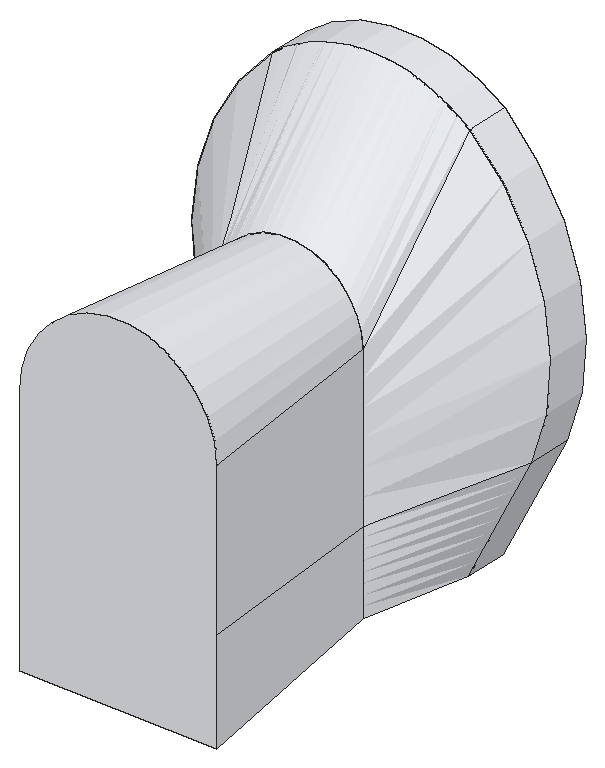
Revit family "Bacia_Cxa", category Plumbing Fixtures, host Face, Revit 2020
Family settings
  Host = Face
  Round Connector Dimension = Use Radius
  Part Type = Normal
  Cut with Voids When Loaded = No
  Shared = No
  Room Calculation Point = No
Parameters
  WFU = 0
  URL = ""
  Raio Água Fria = 20 mm  # constant formula
  Raio Ponto de Esgoto = 50 mm  # constant formula
  Pressão = "2 a 40 mca"  # constant formula
  Model = ""
  Material Bacia = CT_Louças_Sanitárias
  Manufacturer = ""
  Flow Pressure = 0.00 psi
  Diâmetro Água Fria = Raio Água Fria * 2  # 40 mm
  Diâmetro Ponto de Esgoto = Raio Ponto de Esgoto * 2  # 100 mm
  Description = "Bacia sanitária convencional"
  Default Elevation = 0 mm
  Código = ""
  Consumo = "6 lpf"  # constant formula
  CWFU = 0
  Assembly Code = "D2010110"
  Acompanha o Produto = ""
Reference planes
  plane 1 "Center (Front/Back)": y = 0
  plane 2: z = 0
  plane 3 "Center (Left/Right)": x = 0
  plane 4 "Top 2": y = 380
  plane 5 "Front 3": z = 573.75
  plane 6 "Front 1": z = 100
  plane 7 "Left 1": x = -187.322
  plane 8 "Right 1": x = 187.322
  plane 9 "Front 2": z = 260.003
  plane 10 "Top 1": y = 330
Forms (mm)
  Extrusion 1, solid, material "CT_Louças_Sanitárias" <- "Material Bacia", not visible
    sketch origin (0, 0, 122.514) x (1, 0, 0) y (0, 0, 1)
      loop
        circle (0, 137.486) r 50
    from 0 to -5.298
  Extrusion 2, solid, material "CT_Louças_Sanitárias" <- "Material Bacia", not visible
    sketch origin (0, 0, 0) x (1, 0, 0) y (0, 1, 0)
      loop
        circle (0, 330) r 19.05
    from 0 to -7.354
  Blend 3, solid, material "CT_Louças_Sanitárias" <- "Material Bacia"
    base sketch origin (0, 0, 0) x (1, 0, 0) y (0, 0, 1)
      loop
        line (-102.9, 368.106) -> (-102.9, 206.479) -> (-102.9, 106.479) -> (102.9, 106.479) -> (102.9, 212.233) -> (102.9, 370.942)
        arc (102.9, 370.942) -> (-1.398, 471.016) -> (-102.9, 368.106) r 102.919
    top sketch origin (0, 0, 0) x (1, 0, 0) y (0, 0, 1)
      loop
        line (-78.166, 373.106) -> (-78.166, 208.148) -> (-78.166, 122.542) -> (78.166, 122.542) -> (78.166, 208.148) -> (78.166, 373.106)
        arc (78.166, 373.106) -> (0, 451.272) -> (-78.166, 373.106) r 78.166
    from 0 to -220.356
  Blend 4, solid, material "CT_Louças_Sanitárias" <- "Material Bacia"
    base sketch origin (0, 0, 0) x (1, 0, 0) y (0, 0, 1)
      loop
        line (-78.166, 373.106) -> (-78.166, 208.148) -> (-78.166, 122.542) -> (78.166, 122.542) -> (78.166, 208.148) -> (78.166, 373.106)
        arc (78.166, 373.106) -> (0, 451.272) -> (-78.166, 373.106) r 78.166
    top sketch origin (0, 0, 0) x (1, 0, 0) y (0, 0, 1)
      loop
        arc (167.737, 251.688) -> (181.279, 406.351) -> (102.635, 540.212) r 255.054
        arc (102.635, 540.212) -> (0, 576.532) -> (-102.635, 540.212) r 163.175
        arc (-102.635, 540.212) -> (-181.279, 406.351) -> (-167.737, 251.688) r 255.054
        line (-167.737, 251.688) -> (-101.412, 122.542) -> (101.412, 122.542) -> (167.737, 251.688)
    from -220.356 to -329.579
  Extrusion 5, solid, material "CT_Louças_Sanitárias" <- "Material Bacia"
    sketch origin (0, 0, 0) x (1, 0, 0) y (0, 0, 1)
      loop
        arc (-102.635, 540.212) -> (-181.279, 406.351) -> (-167.737, 251.688) r 255.054
        line (-167.737, 251.688) -> (-101.412, 122.542) -> (101.412, 122.542) -> (167.737, 251.688)
        arc (167.737, 251.688) -> (181.279, 406.351) -> (102.635, 540.212) r 255.054
        arc (102.635, 540.212) -> (0, 576.532) -> (-102.635, 540.212) r 163.175
      loop
        arc (-70.243, 502.095) -> (-137.534, 350.065) -> (-70.025, 198.131) r 205.054
        arc (-70.025, 198.131) -> (0, 173.231) -> (70.025, 198.131) r 110.912
        arc (70.025, 198.131) -> (137.534, 350.065) -> (70.243, 502.095) r 205.054
        arc (70.243, 502.095) -> (0, 526.532) -> (-70.243, 502.095) r 113.175
    from -375 to -329.579
Lines and regions (mm)
  Masking region 1
    outline origin (0, 858.346, -21.126) x (0, 1, 0) y (0, 0, 1)
      loop
        arc (-646.235, 494.127) -> (-676.865, 475.541) -> (-712.546, 472.297) r 79.476
        line (-712.546, 472.297) -> (-853.719, 491.713)
        arc (-853.719, 491.713) -> (-856.668, 491.001) -> (-858.346, 488.473) r 4.154
        line (-858.346, 488.473) -> (-858.346, 128.473)
        arc (-858.346, 128.473) -> (-857.318, 125.991) -> (-854.835, 124.962) r 3.511
        line (-854.835, 124.962) -> (-679.276, 135.502)
        arc (-679.276, 135.502) -> (-658.714, 139.719) -> (-640.163, 149.54) r 74
        arc (-640.163, 149.54) -> (-637.452, 150.916) -> (-634.452, 151.415) r 10.004
        line (-634.452, 151.415) -> (-565.007, 151.415)
        arc (-565.007, 151.415) -> (-564.686, 148.634) -> (-562.211, 147.328) r 3
        line (-562.211, 147.328) -> (-481.196, 147.328)
        arc (-481.196, 147.328) -> (-479.181, 148.163) -> (-478.346, 150.178) r 2.85
        line (-478.346, 150.178) -> (-478.346, 593.057)
        arc (-478.346, 593.057) -> (-479.254, 595.249) -> (-481.445, 596.156) r 3.099
        arc (-481.445, 596.156) -> (-572.237, 558.703) -> (-646.235, 494.127) r 302.364
  Masking region 2
    outline origin (-747.05, -8.528, 0) x (1, 0, 0) y (0, 1, 0)
      loop
        line (647.88, 8.528) -> (747.05, 8.528) -> (846.22, 8.528)
        arc (846.22, 8.528) -> (849.234, 10.17) -> (849.811, 13.554) r 3.933
        line (849.811, 13.554) -> (847.538, 29.616) -> (845.915, 34.925) -> (825.517, 179.067)
        arc (825.517, 179.067) -> (826.577, 196.52) -> (834.386, 212.165) r 43.751
        arc (834.386, 212.165) -> (896.668, 291.728) -> (934.586, 385.383) r 362.734
        arc (934.586, 385.383) -> (933.814, 387.46) -> (931.872, 388.528) r 3.179
        line (931.872, 388.528) -> (747.05, 388.528) -> (562.228, 388.528)
        arc (562.228, 388.528) -> (560.286, 387.46) -> (559.514, 385.383) r 3.179
        arc (559.514, 385.383) -> (597.433, 291.728) -> (659.714, 212.165) r 362.734
        arc (659.714, 212.165) -> (667.524, 196.52) -> (668.583, 179.067) r 43.751
        line (668.583, 179.067) -> (648.185, 34.925) -> (646.562, 29.616) -> (644.289, 13.554)
        arc (644.289, 13.554) -> (644.866, 10.17) -> (647.88, 8.528) r 3.933
  Masking region 3
    outline origin (0, 330, 0) x (-1, 0, 0) y (0, 0, 1)
      loop
        arc (107.126, 133.655) -> (146.468, 206.339) -> (176.858, 283.196) r 691.544
        arc (176.858, 283.196) -> (188.038, 353.196) -> (176.858, 423.196) r 224.734
        arc (176.858, 423.196) -> (142.268, 490.784) -> (88.572, 544.462) r 243.914
        arc (88.572, 544.462) -> (2.006, 573.263) -> (-85.302, 546.795) r 150.581
        arc (-85.302, 546.795) -> (-141.074, 492.401) -> (-176.851, 423.196) r 243.914
        arc (-176.851, 423.196) -> (-188.031, 353.196) -> (-176.851, 283.196) r 224.734
        arc (-176.851, 283.196) -> (-146.461, 206.339) -> (-107.119, 133.655) r 691.544
        arc (-107.119, 133.655) -> (-96.974, 125.83) -> (-84.578, 122.59) r 32.133
        line (-84.578, 122.59) -> (-74.586, 122.59)
        arc (-74.586, 122.59) -> (-62.545, 110.932) -> (-47.022, 104.614) r 44.069
        arc (-47.022, 104.614) -> (0.003, 100.008) -> (47.029, 104.613) r 242.379
        arc (47.029, 104.613) -> (62.552, 110.932) -> (74.594, 122.59) r 44.069
        line (74.594, 122.59) -> (81.058, 122.59)
        arc (81.058, 122.59) -> (95.377, 125.096) -> (107.126, 133.655) r 32.133
  symbolic lines
    curve 1: arc (-24.727, 0, 103.174) -> (-35.584, 0, 109.273) -> (-39.889, 0, 120.957) r 18.01
    curve 2: arc (24.991, 0, 103.174) -> (0.132, 0, 101.197) -> (-24.727, 0, 103.174) r 157.242
    curve 3: arc (40.154, 0, 120.957) -> (35.849, 0, 109.273) -> (24.991, 0, 103.174) r 18.01
    curve 4: line (-74.458, 0, 122.542) -> (74.54, 0, 122.542)
    curve 5: line (-39.889, 0, 120.957) -> (-39.889, 0, 122.542)
    curve 6: line (40.154, 0, 120.957) -> (40.154, 0, 122.542)
    curve 7: arc (0, 367, 126.078) -> (0, 364.879, 126.957) -> (0, 364, 129.078) r 3
    curve 8: line (0, 364, 220.731) -> (0, 364, 129.078)
    curve 9: line (0, 294.127, 196.205) -> (0, 294.127, 145.111)
    curve 10: line (0, 294.127, 145.111) -> (0, 234.854, 145.111)
    curve 11: arc (0, 248.635, 188.119) -> (0, 245.106, 165.538) -> (0, 234.854, 145.111) r 74
    curve 12: arc (0, 225.89, 241.495) -> (0, 242.712, 217.129) -> (0, 248.635, 188.119) r 74
    curve 13: line (0, 267.161, 221.081) -> (0, 294.127, 196.205)
    curve 14: arc (0, 234.372, 231.794) -> (0, 195.251, 269.713) -> (0, 153.45, 304.656) r 741.271
    curve 15: arc (0, 153.45, 304.656) -> (0, 152.939, 307.258) -> (0, 155.448, 308.117) r 2.016
    curve 16: arc (0, 155.448, 308.117) -> (0, 213.117, 266.925) -> (0, 267.161, 221.081) r 851.615
    curve 17: arc (0, 155.448, 308.117) -> (0, 145.743, 312.555) -> (0, 135.161, 313.934) r 35.78
    curve 18: arc (0, 135.161, 313.934) -> (0, 104.536, 314.293) -> (0, 74.206, 310.036) r 202.747
    curve 19: line (0, 74.206, 310.036) -> (0, 29.316, 306.896)
    curve 20: line (0, 29.316, 306.896) -> (0, 29.316, 205.995)
    curve 21: arc (0, 29.316, 205.995) -> (0, 34.972, 182.434) -> (0, 50.709, 164.008) r 51.899
    curve 22: arc (0, 50.709, 164.008) -> (0, 71.476, 152.018) -> (0, 94.282, 144.608) r 114.704
    curve 23: arc (0, 94.282, 144.608) -> (0, 67.619, 151.774) -> (0, 44.453, 166.794) r 88.677
    curve 24: arc (0, 44.453, 166.794) -> (0, 30.469, 186.01) -> (0, 25.545, 209.26) r 56.947
    curve 25: line (0, 25.545, 209.26) -> (0, 25.545, 331.649)
    curve 26: line (0, 173.526, 192.687) -> (0, 99.932, 254.275)
    curve 27: arc (0, 99.932, 254.275) -> (0, 77.982, 279.119) -> (0, 64.374, 309.348) r 110.677
    curve 28: arc (0, 98.089, 230.708) -> (0, 66.54, 265.51) -> (0, 46.762, 308.116) r 156.231
    curve 29: line (0, 98.089, 230.708) -> (0, 145.351, 192.495)
    curve 30: arc (0, 145.351, 192.495) -> (0, 157.169, 185.948) -> (0, 170.512, 183.825) r 39.009
    curve 31: arc (0, 170.512, 183.825) -> (0, 175.056, 187.224) -> (0, 173.526, 192.687) r 5.018
    curve 32: line (0, 25.545, 209.26) -> (0, 25.545, 139.26)
    curve 33: arc (0, 25.545, 139.26) -> (0, 35.002, 116.43) -> (0, 57.832, 106.973) r 32.286
    curve 34: arc (-45.953, 170.56, 0) -> (0.012, 164.446, 0) -> (45.976, 170.56, 0) r 175.828
Dimensions and locks
  plane 4 "Top 2" to plane 1 "Center (Front/Back)" = 380 mm
  plane 5 "Front 3" to plane 2 = 573.75 mm
  plane 1 "Center (Front/Back)" to plane 4 "Top 2" = 380 mm
  plane 5 "Front 3" to plane 6 "Front 1" to host face = 473.75 mm, 100 mm  (x2)
  plane 5 "Front 3" to host face = 573.75 mm
  plane 7 "Left 1" to plane 8 "Right 1" = 374.644 mm  (x2)
  aligned and locked: host face to plane 2
  aligned and locked: level to host face
Connectors
  piping at (0, 0, 260), diameter 100, driven by "Raio Ponto de Esgoto", driven by "WFU"
    settings: on Extrusion 1, index 1, connector inside diameter 3.93701", connector length 0 mm, flow factor 0, pipe flow 0 GPM, pressure drop 0.00 psi, fitting loss kfactor 0, connector angle 0.00°, fixture units 0, engagement length 0 mm, angle of deflection 0.00°, flow configuration 3, flow direction 2, fitting loss method 0, system type 16, joint type 0, gender type 0, connector reference index -1, connector utility 0, adjustable connector no, is connector primary yes, connector description ""
  piping at (0, 330, 0), diameter 40, driven by "Raio Água Fria", driven by "Flow Pressure", driven by "CWFU"
    settings: on Extrusion 2, index 2, connector inside diameter 1.5748", connector length 0 mm, flow factor 0, pipe flow 0 GPM, pressure drop 0.00 psi, fitting loss kfactor 0, connector angle 0.00°, fixture units 0, engagement length 0 mm, angle of deflection 0.00°, flow configuration 3, flow direction 1, fitting loss method 4, system type 20, joint type 0, gender type 0, connector reference index -1, connector utility 0, adjustable connector no, is connector primary no, connector description ""
